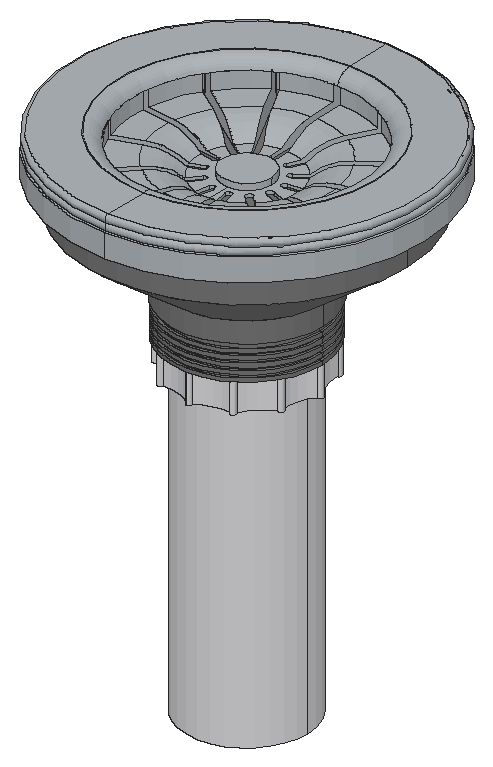
Revit family "BIM_01-1995-11", category Plumbing Fixtures, host Face, Revit 2026
Family settings
  Host = Face
  Round Connector Dimension = Use Diameter
  Part Type = Normal
  Classification Number = 23.31.11.00
  Enable Cutting in Views = No
  Cut with Voids When Loaded = No
  Maintain Annotation Orientation = No
  Shared = No
  Room Calculation Point = No
Parameters (values of type "01-1995-11")
  Waste Water Outlet = ""
  Vida Util = "100000 Ciclos"
  Torque de Conexioón = "20 Nm"
  Tipo de Uso = "Domestico"
  Temperaturas de trabajo = "19C° A 62C°"
  Sitio web = "https://www.gricol.com"
  Resistencia a Corrosión = "NTC 1156, Sal Neutral"
  Referente Normativo = "NTC 5302, ASME A112.18.2 / CSA B125.2"
  Medida Externa = "1 1/2\""
  Materiales del producto = "Acero inoxidable, Polipropileno, Caucho"
  Link Ficha Tecnica = "https://infotecnica.gricol.com/FT_01-1995-11.pdf"
  Waste Connection = 1 = 0  # no
  Vent Connection = 1 = 0  # no
  URL = "https://www.gricol.com/products/canastilla-4-inox-inox"
  Type Image = <None>
  Plastico - polipropileno + colorante gris = Plastico - polipropileno + colorante gris
  Product Name = "Canastilla 4 Inoxidable"  # constant formula
  Goteo de sello = "63 ml/min"
  Garantia Especifica = "20 Años"
  Diametro = 110.0 mm
  Plastico ABS Cromado = Plastico ABS Cromado
  Model = "01-1995-11\r"  # constant formula
  Manufacturer = "Gricol"  # constant formula
  HW Connection = 1 = 1  # yes
  Description = "Canastilla"  # constant formula
  Default Elevation = 0.0 mm
  Date Modified = "22/08/2025"  # constant formula
  Date Created = "05/28/2020"  # constant formula
  Copyright = "All rights reserved © Gricol - 2025."  # constant formula
  Metal - Acero inoxidable = Metal - Acero inoxidable
  Conexiones = "Sosco: diámetro nominal 1½”"
  Caudal = "27 l/m"
  CW Connection = 1 = 1  # yes
  Assembly Code = ""
  Alto a Sosco = 104.0 mm
  Alto = 161.0 mm
Reference planes
  plane 1 "Center (Front/Back)": y = 0
  plane 2: z = 0
  plane 3 "Center (Left/Right)": x = 0
  plane 4: y = -55
  plane 5: x = -30
  plane 6: x = 30
  plane 7: z = -156.304
  plane 8: y = 55
  plane 9: z = -52.304
Forms (mm)
  Extrusion 1, void
    sketch origin (0, 0, 0) x (1, 0, 0) y (0, 1, 0)
      loop
        circle (0, 0) r 39.943
    from -71.075 to 12.507
Dimensions and locks
  equal spacing: plane 5, plane 3 "Center (Left/Right)", plane 6
  plane 5 to plane 6 = 60.0 mm
  equal spacing: plane 4, plane 1 "Center (Front/Back)", plane 8
  "Diametro": plane 4 to plane 8
  "Alto a Sosco": plane 7 to plane 9
  "Alto": plane 7 to nested 1
  aligned and locked: plane 2 to host face
  aligned and locked: level to host face
Automatic sketch dimensions
  host sketch curve to host sketch curve = 200.798 mm
  host sketch curve to host sketch curve = 214.514 mm
  plane 1 "Center (Front/Back)" to Extrusion 1 sketch curve = 0.0 mm
  Extrusion 1 sketch curve to plane 3 "Center (Left/Right)" = 0.0 mm
  Extrusion 1 sketch curve to plane 4 = 15.057 mm
Nested families
  nested 1: "CANASTILLA 4” INOXIDABLE" at (0, 0, 0), type "CANASTILLA 4” INOXIDABLE"
Definition of nested family "CANASTILLA 4” INOXIDABLE"
  Parameters (values of type "CANASTILLA 4” INOXIDABLE")
    Weight Net (Kg) = "6.60Kg"
    Plastico - polipropileno = none
    Plastico - ABS Cromado = none
    Waste Connection = no
    Vent Connection = no
    Type Comments = ""
    Nominal width = "370"
    Nominal height = "130"
    Model = ""
    Manufacturer = ""
    Keynote = ""
    HW Connection = no
    Default Elevation = 0.0 mm
    Cost = 0
    CW Connection = no
    Acero inox = none
  Reference planes
    plane 1 "Center (Front/Back)": y = 0
    plane 2: z = 0
    plane 3 "Center (Left/Right)": x = 0
    plane 4 "10": z = -156.304
    plane 5: x = 29.976
    plane 6 "11": x = -29.976
    plane 7: x = -19.05
    plane 8: x = 19.05
    plane 9: x = -23.9
    plane 10: x = 23.9
    plane 11 "12": z = -52.304
    plane 12 "13": y = 55
    plane 13 "14": y = -55
    plane 14 "mr": y = 48.658
  Forms (mm)
    Revolve 1, solid, material <- "Plastico - polipropileno"
      sketch origin (-0.035, -0.057, -27.581) x (1, 0, 0) y (0, 0, 1)
        loop
          line (0, 18.968) -> (-49.84, 18.968) -> (-49.84, 11.489) -> (-23.865, -7.478) -> (-23.865, -13.913) -> (0, -13.913) -> (0, 18.968)
        axis (0, 18.968) -> (0, -13.913)
      angle from 0 to 360
    Revolve 2, solid, material <- "Plastico - polipropileno"
      sketch origin (-0.035, -0.057, -44.427) x (1, 0, 0) y (0, 0, 1)
        loop
          line (-22.648, 2.65) -> (-22.648, 1.246) -> (-23.517, 1.246) -> (-23.517, 0.16) -> (-22.648, 0.16) -> (-22.648, -0.628) -> (-23.517, -0.628) -> (-23.517, -1.792) -> (-22.648, -1.792) -> (-22.648, -2.658) -> (-23.517, -2.658) -> (-23.517, -3.822) -> (-22.648, -3.822) -> (-22.648, -4.766) -> (-23.517, -4.766) -> (-23.517, -5.852) -> (-22.648, -5.852) -> (-22.648, -6.796) -> (-23.517, -6.796) -> (-23.517, -7.877) -> (0, -7.877) -> (0, 2.65) -> (-22.648, 2.65)
        axis (0, 2.65) -> (0, -7.877)
      angle from 0 to 360
    Extrusion 3, solid, material <- "Plastico - ABS Cromado"
      sketch origin (-103.73, -97.302, 15.095) x (-1, 0, 0) y (0, -1, 0)
        loop
          arc (-84.839, -109.23) -> (-83.465, -109.049) -> (-83.995, -107.769) r 0.873
          arc (-83.995, -107.769) -> (-83.313, -102.792) -> (-81.403, -98.146) r 19.841
          arc (-81.403, -98.146) -> (-80.173, -97.353) -> (-81.396, -96.548) r 0.873
          arc (-81.396, -96.548) -> (-83.646, -91.995) -> (-83.995, -86.929) r 13.102
          arc (-83.995, -86.929) -> (-83.465, -85.648) -> (-84.839, -85.468) r 0.873
          arc (-84.839, -85.468) -> (-89.033, -82.651) -> (-91.849, -78.457) r 13.102
          arc (-91.849, -78.457) -> (-92.03, -77.083) -> (-93.31, -77.614) r 0.873
          arc (-93.31, -77.614) -> (-98.351, -77.271) -> (-102.887, -75.048) r 13.102
          arc (-102.887, -75.048) -> (-103.037, -74.29) -> (-103.73, -73.948) r 0.873
          arc (-103.73, -73.948) -> (-104.423, -74.29) -> (-104.574, -75.048) r 0.873
          arc (-104.574, -75.048) -> (-109.11, -77.271) -> (-114.15, -77.614) r 13.102
          arc (-114.15, -77.614) -> (-115.431, -77.083) -> (-115.612, -78.457) r 0.873
          arc (-115.612, -78.457) -> (-118.428, -82.651) -> (-122.622, -85.468) r 13.102
          arc (-122.622, -85.468) -> (-123.996, -85.648) -> (-123.466, -86.929) r 0.873
          arc (-123.466, -86.929) -> (-123.815, -91.995) -> (-126.065, -96.548) r 13.102
          arc (-126.065, -96.548) -> (-127.287, -97.353) -> (-126.058, -98.146) r 0.873
          arc (-126.058, -98.146) -> (-124.148, -102.792) -> (-123.466, -107.769) r 19.841
          arc (-123.466, -107.769) -> (-123.996, -109.049) -> (-122.622, -109.23) r 0.873
          arc (-122.622, -109.23) -> (-118.428, -112.047) -> (-115.612, -116.241) r 13.102
          arc (-115.612, -116.241) -> (-115.431, -117.615) -> (-114.15, -117.084) r 0.873
          arc (-114.15, -117.084) -> (-109.11, -117.426) -> (-104.574, -119.65) r 13.102
          arc (-104.574, -119.65) -> (-104.423, -120.408) -> (-103.73, -120.75) r 0.873
          arc (-103.73, -120.75) -> (-103.037, -120.408) -> (-102.887, -119.65) r 0.873
          arc (-102.887, -119.65) -> (-98.351, -117.426) -> (-93.31, -117.084) r 13.102
          arc (-93.31, -117.084) -> (-92.03, -117.615) -> (-91.849, -116.241) r 0.873
          arc (-91.849, -116.241) -> (-89.033, -112.047) -> (-84.839, -109.23) r 13.102
      from -76.639 to -67.486
    Revolve 4, solid, material <- "Plastico - ABS Cromado"
      sketch origin (-0.035, -0.057, -103.882) x (1, 0, 0) y (0, 0, 1)
        loop
          line (-19.015, 42.338) -> (-19.015, -52.422) -> (0, -52.422) -> (0, 42.338) -> (-19.015, 42.338)
        axis (0, 42.338) -> (0, -52.422)
      angle from 0 to 360
    Revolve 5, solid, material <- "Acero inox"
      sketch origin (0, 0, 4.632) x (0, 1, 0) y (0, 0, 1)
        loop
          line (53.726, -4.624) -> (55, -4.624) -> (55, -11.683) -> (39.943, -11.683) -> (39.943, 0.064) -> (53.726, 0.064)
          arc (53.726, 0.064) -> (54.872, -1.083) -> (53.726, -2.229) r 1.147
          arc (53.726, -2.229) -> (54.872, -3.376) -> (53.726, -4.522) r 1.147
        axis (0, -11.683) -> (0, 0.064)
      angle from 0 to 360
    Revolve 6, solid, material <- "Acero inox"
      sketch origin (0, 0, 4.632) x (0, 1, 0) y (0, 0, 1)
        loop
          arc (39.943, 0.064) -> (36.937, -0.744) -> (35.15, -3.292) r 4.56
          line (35.15, -3.292) -> (35.15, -8.292) -> (26.102, -8.292)
          arc (26.102, -8.292) -> (20.206, -9.385) -> (15.094, -12.518) r 16.451
          line (15.094, -12.518) -> (7.62, -12.518) -> (7.62, -15.73) -> (39.943, -15.73) -> (39.943, 0.064)
        axis (0, 0.064) -> (0, -15.73)
      angle from 0 to 360
    Extrusion 7, void
      sketch origin (-36.873, 0.906, 20.08) x (-1, 0, 0) y (0, -1, 0)
        loop
          arc (-35.741, -9.864) -> (-36.797, -8.808) -> (-37.853, -9.864) r 1.056
          line (-37.853, -9.864) -> (-37.853, -39.8)
          arc (-37.853, -39.8) -> (-36.797, -40.856) -> (-35.741, -39.8) r 1.056
          line (-35.741, -39.8) -> (-35.741, -9.864)
      from -31.179 to -18.741
    Extrusion 8, void
      sketch origin (-32.212, 17.968, 20.08) x (-0.885027, 0.465539, 0) y (-0.465539, -0.885027, 0)
        loop
          arc (-35.741, -9.864) -> (-36.797, -8.808) -> (-37.853, -9.864) r 1.056
          line (-37.853, -9.864) -> (-37.853, -39.8)
          arc (-37.853, -39.8) -> (-36.797, -40.856) -> (-35.741, -39.8) r 1.056
          line (-35.741, -39.8) -> (-35.741, -9.864)
      from -31.179 to -18.741
    Extrusion 9, void
      sketch origin (-20.144, 30.898, 20.08) x (-0.566547, 0.82403, 0) y (-0.82403, -0.566547, 0)
        loop
          arc (-35.741, -9.864) -> (-36.797, -8.808) -> (-37.853, -9.864) r 1.056
          line (-37.853, -9.864) -> (-37.853, -39.8)
          arc (-37.853, -39.8) -> (-36.797, -40.856) -> (-35.741, -39.8) r 1.056
          line (-35.741, -39.8) -> (-35.741, -9.864)
      from -31.179 to -18.741
    Extrusion 10, void
      sketch origin (-3.444, 36.723, 20.08) x (-0.117791, 0.993038, 0) y (-0.993038, -0.117791, 0)
        loop
          arc (-35.741, -9.864) -> (-36.797, -8.808) -> (-37.853, -9.864) r 1.056
          line (-37.853, -9.864) -> (-37.853, -39.8)
          arc (-37.853, -39.8) -> (-36.797, -40.856) -> (-35.741, -39.8) r 1.056
          line (-35.741, -39.8) -> (-35.741, -9.864)
      from -31.179 to -18.741
    Extrusion 11, void
      sketch origin (14.048, 34.104, 20.08) x (0.35805, 0.933702, 0) y (-0.933702, 0.35805, 0)
        loop
          arc (-35.741, -9.864) -> (-36.797, -8.808) -> (-37.853, -9.864) r 1.056
          line (-37.853, -9.864) -> (-37.853, -39.8)
          arc (-37.853, -39.8) -> (-36.797, -40.856) -> (-35.741, -39.8) r 1.056
          line (-35.741, -39.8) -> (-35.741, -9.864)
      from -31.179 to -18.741
    Extrusion 12, void
      sketch origin (28.31, 23.643, 20.08) x (0.751559, 0.659666, 0) y (-0.659666, 0.751559, 0)
        loop
          arc (-35.741, -9.864) -> (-36.797, -8.808) -> (-37.853, -9.864) r 1.056
          line (-37.853, -9.864) -> (-37.853, -39.8)
          arc (-37.853, -39.8) -> (-36.797, -40.856) -> (-35.741, -39.8) r 1.056
          line (-35.741, -39.8) -> (-35.741, -9.864)
      from -31.179 to -18.741
    Extrusion 13, void
      sketch origin (36.062, 7.745, 20.08) x (0.972251, 0.233942, 0) y (-0.233942, 0.972251, 0)
        loop
          arc (-35.741, -9.864) -> (-36.797, -8.808) -> (-37.853, -9.864) r 1.056
          line (-37.853, -9.864) -> (-37.853, -39.8)
          arc (-37.853, -39.8) -> (-36.797, -40.856) -> (-35.741, -39.8) r 1.056
          line (-35.741, -39.8) -> (-35.741, -9.864)
      from -31.179 to -18.741
    Extrusion 14, void
      sketch origin (35.521, -9.933, 20.08) x (0.969377, -0.245576, 0) y (0.245576, 0.969377, 0)
        loop
          arc (-35.741, -9.864) -> (-36.797, -8.808) -> (-37.853, -9.864) r 1.056
          line (-37.853, -9.864) -> (-37.853, -39.8)
          arc (-37.853, -39.8) -> (-36.797, -40.856) -> (-35.741, -39.8) r 1.056
          line (-35.741, -39.8) -> (-35.741, -9.864)
      from -31.179 to -18.741
    Extrusion 15, void
      sketch origin (26.813, -25.328, 20.08) x (0.7436, -0.668624, 0) y (0.668624, 0.7436, 0)
        loop
          arc (-35.741, -9.864) -> (-36.797, -8.808) -> (-37.853, -9.864) r 1.056
          line (-37.853, -9.864) -> (-37.853, -39.8)
          arc (-37.853, -39.8) -> (-36.797, -40.856) -> (-35.741, -39.8) r 1.056
          line (-35.741, -39.8) -> (-35.741, -9.864)
      from -31.179 to -18.741
    Extrusion 16, void
      sketch origin (11.939, -34.898, 20.08) x (0.346836, -0.937926, 0) y (0.937926, 0.346836, 0)
        loop
          arc (-35.741, -9.864) -> (-36.797, -8.808) -> (-37.853, -9.864) r 1.056
          line (-37.853, -9.864) -> (-37.853, -39.8)
          arc (-37.853, -39.8) -> (-36.797, -40.856) -> (-35.741, -39.8) r 1.056
          line (-35.741, -39.8) -> (-35.741, -9.864)
      from -31.179 to -18.741
    Extrusion 17, void
      sketch origin (-5.68, -36.444, 20.08) x (-0.129682, -0.991556, 0) y (0.991556, -0.129682, 0)
        loop
          arc (-35.741, -9.864) -> (-36.797, -8.808) -> (-37.853, -9.864) r 1.056
          line (-37.853, -9.864) -> (-37.853, -39.8)
          arc (-37.853, -39.8) -> (-36.797, -40.856) -> (-35.741, -39.8) r 1.056
          line (-35.741, -39.8) -> (-35.741, -9.864)
      from -31.179 to -18.741
    Extrusion 18, void
      sketch origin (-21.993, -29.61, 20.08) x (-0.57638, -0.817182, 0) y (0.817182, -0.57638, 0)
        loop
          arc (-35.741, -9.864) -> (-36.797, -8.808) -> (-37.853, -9.864) r 1.056
          line (-37.853, -9.864) -> (-37.853, -39.8)
          arc (-37.853, -39.8) -> (-36.797, -40.856) -> (-35.741, -39.8) r 1.056
          line (-35.741, -39.8) -> (-35.741, -9.864)
      from -31.179 to -18.741
    Extrusion 19, void
      sketch origin (-33.249, -15.967, 20.08) x (-0.890542, -0.4549, 0) y (0.4549, -0.890542, 0)
        loop
          arc (-35.741, -9.864) -> (-36.797, -8.808) -> (-37.853, -9.864) r 1.056
          line (-37.853, -9.864) -> (-37.853, -39.8)
          arc (-37.853, -39.8) -> (-36.797, -40.856) -> (-35.741, -39.8) r 1.056
          line (-35.741, -39.8) -> (-35.741, -9.864)
      from -31.179 to -18.741
    Extrusion 20, solid, material <- "Acero inox"
      sketch origin (0.371, 0, 0) x (1, 0, 0) y (0, 1, 0)
        loop
          circle (-0.371, 0) r 7.62
      from -20 to -6.126
  Cuts and joins
    Extrusion 7, Extrusion 8, Extrusion 9, Extrusion 10, Extrusion 11, Extrusion 12, Extrusion 13, Extrusion 14, Extrusion 15, Extrusion 16, Extrusion 17, Extrusion 18, Extrusion 19 cuts Revolve 6
    Extrusion 8, Extrusion 9, Extrusion 10, Extrusion 11, Extrusion 12, Extrusion 13, Extrusion 14, Extrusion 15, Extrusion 16, Extrusion 17, Extrusion 18, Extrusion 19 cuts Revolve 5
  Dimensions and locks
    plane 6 "11" to plane 5 = 59.951 mm
    level to plane 4 "10" = 156.304 mm
    locked: plane 7 to plane 8 at 38.1
    locked: plane 9 to plane 10 at 47.8
    cut or joined group of Revolve 5, Extrusion 8, Extrusion 9, Extrusion 10, Extrusion 11, Extrusion 12, Extrusion 13, Extrusion 14, Extrusion 15, Extrusion 16, Extrusion 17, Extrusion 18, Extrusion 19 to plane 4 "10" = 161.0 mm
    plane 11 "12" to plane 4 "10" = 104.0 mm
    plane 8 to plane 7 = 38.1 mm
    locked: plane 13 "14" to plane 12 "13" at 110
    plane 13 "14" to plane 1 "Center (Front/Back)" = 55.0 mm
    aligned and locked: level to plane 2
